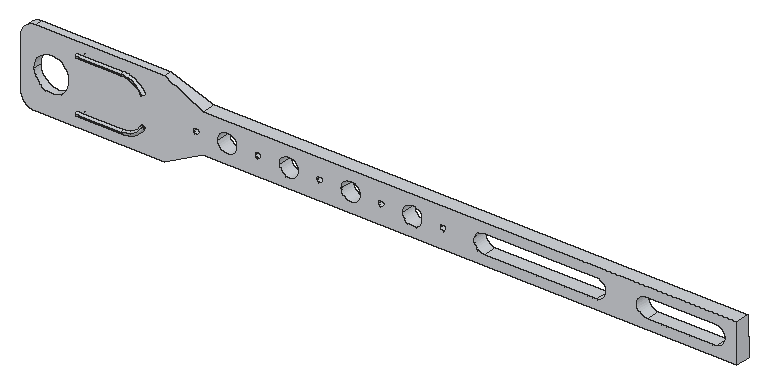
Revit family
Parameters
  URL = "www.siouxchief.com"
  Model = "521-725"
  Manufacturer = "Sioux Chief Manufacturing"
  Keynote = "Bracket"
  Description = "Bracket"
Reference planes (in)
  plane 1 "Center (Front/Back)": y = 0
  plane 2: z = 0
  plane 3 "Center (Left/Right)": x = 0
Forms (in)
  Extrusion 1, solid
    sketch origin (0, 0.25, 0) x (0, 0, 1) y (-1, 0, 0)
      loop
        line (-1.25, 6.9493) -> (-0.625, 5.7193) -> (-0.625, -11.625) -> (0.625, -11.625) -> (0.625, 5.7193) -> (1.25, 6.9493) -> (1.25, 11.125)
        arc (1.25, 11.125) -> (1.10355, 11.47855) -> (0.75, 11.625) r 0.5
        line (0.75, 11.625) -> (-0.75, 11.625)
        arc (-0.75, 11.625) -> (-1.10355, 11.47855) -> (-1.25, 11.125) r 0.5
        line (-1.25, 11.125) -> (-1.25, 6.9493)
    from 0 to 0.461
  Extrusion 2, void
    sketch origin (0, 0.25, 0) x (0, 0, 1) y (-1, 0, 0)
      loop
        line (0.3125, -10.938) -> (0.3125, -8.692)
        arc (0.3125, -8.692) -> (-0.0025, -8.377) -> (-0.3175, -8.692) r 0.315
        line (-0.3175, -8.692) -> (-0.3175, -10.938)
        arc (-0.3175, -10.938) -> (-0.0025, -11.253) -> (0.3125, -10.938) r 0.315
    from 0 to 0.461
  Extrusion 3, void
    sketch origin (-5.5, 0.25, 0) x (0, 0, 1) y (-1, 0, 0)
      loop
        line (0.3125, -12.562) -> (0.3125, -8.91)
        arc (0.3125, -8.91) -> (-0.0025, -8.595) -> (-0.3175, -8.91) r 0.315
        line (-0.3175, -8.91) -> (-0.3175, -12.562)
        arc (-0.3175, -12.562) -> (-0.0025, -12.877) -> (0.3125, -12.562) r 0.315
    from 0 to 0.461
  Extrusion 4, void
    sketch origin (-10.75, 0.25, 0) x (0, 0, 1) y (-1, 0, 0)
      loop
        circle (-0.0025, -11.8485) r 0.315
    from 0 to 0.461
  Extrusion 5, void
    sketch origin (-12.75, 0.25, 0) x (0, 0, 1) y (-1, 0, 0)
      loop
        circle (-0.0025, -11.8485) r 0.315
    from 0 to 0.461
  Extrusion 6, void
    sketch origin (-14.75, 0.25, 0) x (0, 0, 1) y (-1, 0, 0)
      loop
        circle (-0.0025, -11.8485) r 0.315
    from 0 to 0.461
  Extrusion 7, void
    sketch origin (-16.75, 0.25, 0) x (0, 0, 1) y (-1, 0, 0)
      loop
        circle (-0.0025, -11.8485) r 0.315
    from 0 to 0.461
  Extrusion 8, void
    sketch origin (-15.75, 0.25, 0) x (0, 0, 1) y (-1, 0, 0)
      loop
        circle (-0.0025, -11.8485) r 0.0935
    from 0 to 0.461
  Extrusion 9, void
    sketch origin (-13.75, 0.25, 0) x (0, 0, 1) y (-1, 0, 0)
      loop
        circle (-0.0025, -11.8485) r 0.0935
    from 0 to 0.461
  Extrusion 10, void
    sketch origin (-11.75, 0.25, 0) x (0, 0, 1) y (-1, 0, 0)
      loop
        circle (-0.0025, -11.8485) r 0.0935
    from 0 to 0.461
  Extrusion 11, void
    sketch origin (-9.75, 0.25, 0) x (0, 0, 1) y (-1, 0, 0)
      loop
        circle (-0.0025, -11.8485) r 0.0935
    from 0 to 0.461
  Extrusion 12, void
    sketch origin (-17.75, 0.25, 0) x (0, 0, 1) y (-1, 0, 0)
      loop
        circle (-0.0025, -11.8485) r 0.0935
    from 0 to 0.461
  Extrusion 13, void
    sketch origin (0, 0.25, 0) x (0, 0, 1) y (-1, 0, 0)
      loop
        circle (0, 10.60691) r 0.5665
    from 0 to 0.461
  Extrusion 14, void
    sketch origin (-9.4493, 0.25, 1.25) x (0, 1, 0) y (1, 0, 0)
      loop
        line (-0.19552, -2.24108) -> (0.15593, -2.24108) -> (0.15593, 3.64515) -> (0, 3.64515) -> (-0.19552, 2.65767) -> (-0.19552, -2.24108)
    from 0 to 3
  Sweep 15, solid
    path origin (0, -0.211, 0) x (0, 0, 1) y (-1, 0, 0)
      loop
        line (0.84019, 9.77313) -> (0.84019, 8.27313)
        arc (0.84019, 8.27313) -> (0.73971, 7.89813) -> (0.46519, 7.62361) r 0.75
    profile origin (-9.02313, -0.211, 0.84019) x (0, 0, 1) y (0, -1, 0)
      loop
        circle (0, 0) r 0.06444
  Sweep 16, solid
    path origin (0, -0.211, 0) x (0, 0, -1) y (1, 0, 0)
      loop
        line (0.84019, -9.77313) -> (0.84019, -8.27313)
        arc (0.84019, -8.27313) -> (0.73971, -7.89813) -> (0.46519, -7.62361) r 0.75
    profile origin (-9.02313, -0.211, -0.84019) x (0, 0, 1) y (0, -1, 0)
      loop
        circle (0, 0) r 0.06444
  Sweep 17, solid
    path origin (0, 0.05448, 0) x (0, 0, 1) y (1, 0, 0)
      loop
        line (0.84019, -9.77313) -> (0.84019, -8.27313)
        arc (0.84019, -8.27313) -> (0.73971, -7.89813) -> (0.46519, -7.62361) r 0.75
    profile origin (-9.02313, 0.05448, 0.84019) x (0, 0, -1) y (0, 1, 0)
      loop
        circle (0, 0) r 0.06444
  Sweep 18, solid
    path origin (0, 0.05448, 0) x (0, 0, -1) y (-1, 0, 0)
      loop
        line (0.84019, 9.77313) -> (0.84019, 8.27313)
        arc (0.84019, 8.27313) -> (0.73971, 7.89813) -> (0.46519, 7.62361) r 0.75
    profile origin (-9.02313, 0.05448, -0.84019) x (0, 0, -1) y (0, 1, 0)
      loop
        circle (0, 0) r 0.06444
Cuts and joins
  Extrusion 2, Extrusion 3, Extrusion 4, Extrusion 5, Extrusion 6, Extrusion 7, Extrusion 8, Extrusion 9, Extrusion 10, Extrusion 11, Extrusion 12, Extrusion 13, Extrusion 14 cuts Extrusion 1
Dimensions and locks (in)
  aligned and locked: plane 2 to level
  aligned and locked: Extrusion 1 to Extrusion 13  (x2)
  aligned and locked: Extrusion 1 to Extrusion 2  (x2)
  aligned and locked: Extrusion 1 to Extrusion 3  (x2)
  aligned and locked: Extrusion 1 to Extrusion 11  (x2)
  aligned and locked: Extrusion 1 to Extrusion 4  (x2)
  aligned and locked: Extrusion 1 to Extrusion 10  (x2)
  aligned and locked: Extrusion 1 to Extrusion 5  (x2)
  aligned and locked: Extrusion 1 to Extrusion 9  (x2)
  aligned and locked: Extrusion 1 to Extrusion 6  (x2)
  aligned and locked: Extrusion 1 to Extrusion 8  (x2)
  aligned and locked: Extrusion 1 to Extrusion 7  (x2)
  aligned and locked: Extrusion 1 to Extrusion 12  (x2)
